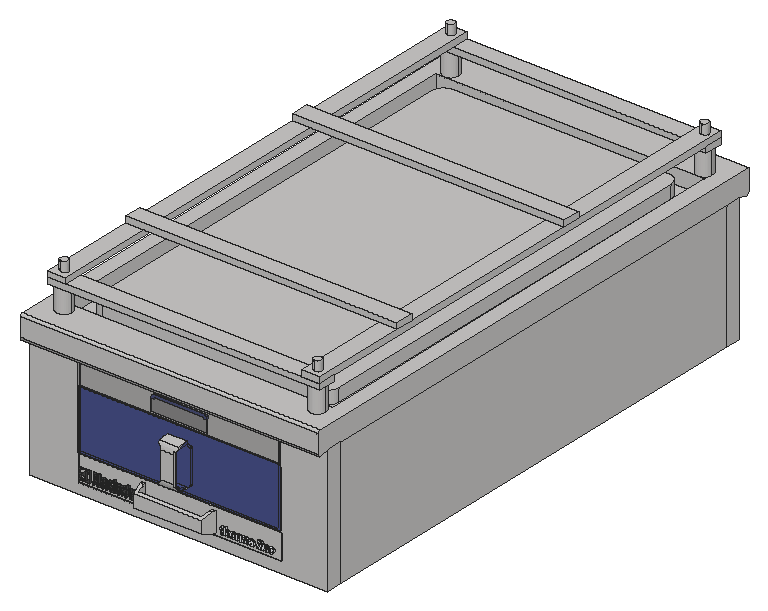
Revit family "QF_ELECTROLUXPROFESSIONAL_589869_MCLBACEODM", category Specialty Equipment, Revit 2014
Parameters
  Weight in Pounds = 487.22
  URL Cutsheet = ""
  Type Mark [instance] = ""
  Specification by User [instance] = ""
  Specification by Manufacturer = ""
  Serial Number = ""
  Seismic Rating = ""
  SMACNA No = ""
  Revision Code [instance] = ""
  Omniclass Number and Title = ""
  NAFEM Spec ID Number = ""
  Model = "588557"
  Masterspec = ""
  Manufacturer = "Electrolux Professional"
  Item Number [instance] = ""
  Installed By [instance] = ""
  Identify Quantity as Lot [instance] = yes
  Furnished By [instance] = ""
  Foodservice Equipment Identifier [instance] = yes
  Description = ""
  CSI MasterFormat = ""
  CSI Master Format = ""
Reference planes
  plane 1 "BACK": y = 0
  plane 2: z = 0
  plane 3 "LEFT": x = 0
  plane 4 "RIGHT": x = 500
  plane 5 "FRONT": y = -900
  plane 6 "TOP": z = 900
  plane 7 "Center (Left/Right)": x = 250
  plane 8: y = -425
  plane 9: y = -150
  plane 10: x = 25
  plane 11: x = 475
  plane 12: y = -60
  plane 13: y = -840
  plane 14 "EIx": x = 455
  plane 15 "EIy": y = -685
  plane 16: z = 938
  plane 17 "BaseTop": z = 650
  plane 18: y = -855
Forms (mm)
  Extrusion 1, solid, material "QF_Finishes_Stainless Steel"
    sketch origin (-178.969, -4572, 100) x (-1, 0, 0) y (0, -1, 0)
      loop
        line (-178.969, -4527) -> (-178.969, -3717) -> (-678.969, -3717) -> (-678.969, -4527) -> (-178.969, -4527)
    from 550 to 762.969
  Extrusion 2, solid, material "QF_Finishes_Stainless Steel"
    sketch origin (0, 0, 650) x (-1, 0, 0) y (0, -1, 0)
      loop
        circle (-455, 685) r 6.35
    from 0 to -11.851
  Extrusion 3, solid, material "QF_Finishes_Stainless Steel"
    sketch origin (250, 296.4, 1219.2) x (0, 1, 0) y (0, 0, 1)
      loop
        line (-296.4, -319.2) -> (-1191.4, -319.2)
        arc (-1191.4, -319.2) -> (-1194.935, -320.664) -> (-1196.4, -324.2) r 5
        line (-1196.4, -324.2) -> (-1196.4, -355.2)
        arc (-1196.4, -355.2) -> (-1194.971, -358.264) -> (-1191.705, -359.139) r 4
        line (-1191.705, -359.139) -> (-1176.4, -356.231) -> (-316.4, -356.231) -> (-301.094, -359.139)
        arc (-301.094, -359.139) -> (-297.829, -358.264) -> (-296.4, -355.2) r 4
        line (-296.4, -355.2) -> (-296.4, -319.2)
    from -250 to 250
  Extrusion 4, solid, material "QF_Finishes_Stainless Steel"
    sketch origin (0, 0, 900) x (-1, 0, 0) y (0, -1, 0)
      loop
        arc (-70, 80) -> (-55.858, 85.858) -> (-50, 100) r 20
        line (-50, 100) -> (-50, 795)
        arc (-50, 795) -> (-55.858, 809.142) -> (-70, 815) r 20
        line (-70, 815) -> (-430, 815)
        arc (-430, 815) -> (-444.142, 809.142) -> (-450, 795) r 20
        line (-450, 795) -> (-450, 100)
        arc (-450, 100) -> (-444.142, 85.858) -> (-430, 80) r 20
        line (-430, 80) -> (-70, 80)
    from 1 to -20
  Extrusion 5, void
    sketch origin (0, 0, 900) x (-1, 0, 0) y (0, -1, 0)
      loop
        line (-25, 840) -> (-475, 840) -> (-475, 60) -> (-25, 60) -> (-25, 840)
    from 0 to -25
Cuts and joins
  Extrusion 5 cuts Extrusion 3
Lines and regions (mm)
  symbolic lines
    curve 1: line (0, 0, 100) -> (500, 0, 100)
    curve 2: line (0, -900, 100) -> (0, 0, 100)
    curve 3: line (500, -900, 100) -> (0, -900, 100)
    curve 4: line (500, 0, 100) -> (500, -900, 100)
    curve 5: line (25, -840, 0) -> (475, -840, 0)
    curve 6: line (475, -840, 0) -> (475, -60, 0)
    curve 7: line (475, -60, 0) -> (25, -60, 0)
    curve 8: line (25, -60, 0) -> (25, -840, 0)
    curve 9: line (430, -80, 0) -> (70, -80, 0)
    curve 10: line (70, -815, 0) -> (430, -815, 0)
    curve 11: arc (52.44, -804.574, 0) -> (59.789, -812.197, 0) -> (70, -815, 0) r 20
    curve 12: arc (430, -815, 0) -> (439.869, -812.396, 0) -> (447.168, -805.26, 0) r 20
    curve 13: arc (70, -80, 0) -> (59.837, -82.775, 0) -> (52.493, -90.33, 0) r 20
    curve 14: arc (447.585, -90.473, 0) -> (440.234, -82.817, 0) -> (430, -80, 0) r 20
Dimensions and locks
  plane 3 "LEFT" to plane 4 "RIGHT" = 500 mm
  locked: plane 5 "FRONT" to plane 1 "BACK" at 900
  equal spacing: plane 3 "LEFT", plane 7 "Center (Left/Right)", plane 4 "RIGHT"
  plane 5 "FRONT" to plane 8 to plane 1 "BACK" = 475 mm, 425 mm
  plane 6 "TOP" to level = 900 mm  (x2)
  plane 1 "BACK" to plane 9 = 150 mm
  plane 1 "BACK" to Extrusion 2 = 685 mm
  locked: plane 14 "EIx" to plane 4 "RIGHT" at 45
  locked: plane 15 "EIy" to plane 1 "BACK" at 685
  plane 16 to plane 6 "TOP" = 38 mm
  plane 12 to plane 1 "BACK" = 60 mm
  plane 5 "FRONT" to plane 13 = 60 mm
  plane 3 "LEFT" to plane 10 = 25 mm
  plane 11 to plane 4 "RIGHT" = 25 mm
  locked: plane 6 "TOP" to plane 17 "BaseTop" at 250
  locked: plane 18 to plane 5 "FRONT" at 45
  aligned and locked: level to plane 2
  aligned and locked: cut or joined group of Extrusion 3, Extrusion 5 to plane 3 "LEFT"
  aligned and locked: cut or joined group of Extrusion 3, Extrusion 5 to plane 4 "RIGHT"
  aligned and locked: Extrusion 5 sketch curve to plane 10
  aligned and locked: plane 12 to Extrusion 5 sketch curve
  aligned and locked: plane 11 to Extrusion 5 sketch curve
  aligned and locked: Extrusion 5 sketch curve to plane 13
  aligned and locked: nested 1 to plane 18
  aligned and locked: Extrusion 1 to plane 18
  aligned and locked: plane 3 "LEFT" to nested 1
  aligned and locked: nested 3 to Extrusion 1
  aligned and locked: plane 4 "RIGHT" to nested 3
Automatic sketch dimensions
  Extrusion 3 sketch curve to plane 5 "FRONT" = 0 mm
  Extrusion 3 sketch curve to plane 6 "TOP" = 0 mm
  Extrusion 3 sketch curve to plane 1 "BACK" = 0 mm
  Extrusion 3 sketch curve to plane 5 "FRONT" = 4 mm
  Extrusion 3 sketch curve to Extrusion 3 sketch curve = 0.695 mm
  Extrusion 3 sketch curve to plane 5 "FRONT" = 5 mm
  Extrusion 3 sketch curve to Extrusion 3 sketch curve = 15.305 mm
  plane 1 "BACK" to Extrusion 3 sketch curve = 20 mm
  plane 1 "BACK" to Extrusion 3 sketch curve = 4.695 mm
  Extrusion 3 sketch curve to Extrusion 3 sketch curve = 4 mm
  Extrusion 3 sketch curve to Extrusion 3 sketch curve = 31 mm
  Extrusion 3 sketch curve to plane 6 "TOP" = 36 mm
  Extrusion 3 sketch curve to Extrusion 3 sketch curve = 2.909 mm
  Extrusion 1 sketch curve to plane 4 "RIGHT" = 0 mm
  Extrusion 1 sketch curve to plane 3 "LEFT" = 0 mm
  plane 1 "BACK" to Extrusion 1 sketch curve = 45 mm
  plane 1 "BACK" to curve 1 = 0 mm
  curve 1 to plane 4 "RIGHT" = 0 mm
  curve 2 to plane 3 "LEFT" = 0 mm
  plane 5 "FRONT" to curve 3 = 0 mm
  Extrusion 2 sketch curve to plane 14 "EIx" = 0 mm
  Extrusion 2 sketch curve to plane 15 "EIy" = 0 mm
  Extrusion 1 sketch curve to plane 5 "FRONT" = 45 mm
  plane 11 to Extrusion 4 sketch curve = 25 mm
  Extrusion 4 sketch curve to Extrusion 4 sketch curve = 20 mm  (x3)
  plane 9 to Extrusion 4 sketch curve = 50 mm
  Extrusion 4 sketch curve to plane 10 = 45 mm
  Extrusion 4 sketch curve to plane 13 = 45 mm  (x2)
  curve 8 to plane 10 = 0 mm
  curve 7 to plane 11 = 0 mm
  plane 13 to curve 5 = 0 mm
  plane 12 to curve 7 = 0 mm
  curve 13 to plane 10 = 45 mm
  curve 10 to plane 13 = 25 mm
  curve 10 to plane 10 = 45 mm
  plane 14 "EIx" to curve 10 = 25 mm
  plane 14 "EIx" to curve 9 = 25 mm
  curve 10 to curve 11 = 20 mm
  curve 12 to curve 12 = 20 mm
  plane 12 to curve 14 = 40 mm
  plane 12 to curve 13 = 40 mm
  plane 12 to curve 9 = 20 mm
  curve 11 to curve 11 = 17.56 mm
  curve 13 to curve 13 = 17.507 mm
  plane 14 "EIx" to curve 12 = 7.832 mm
  plane 14 "EIx" to curve 14 = 7.415 mm
  radius of Extrusion 2 sketch curve = 6.35 mm
Nested families
  nested 1: "Front_Panel_W500_One Knob" at (52.376, -855, 0), type "Front_Panel_W500_One Knob"
  nested 2: "QF_ELECTROLUXPROFESSIONAL_MARINE500x900_1" at (0, 0, 0), type "QF_ELECTROLUXPROFESSIONAL_MARINE500x900_1"
    with Type Mark "", Specification by User "", Revision Code "", Item Number "", Installed By "", Identify Quantity as Lot yes, Furnished By "", Foodservice Equipment Identifier yes
  nested 3: "Front_Panel_W500_1 Knob" at (447.624, -45, 0) x (-1, 0, 0) z (0, 0, 1), type "Front_Panel_W500_1 Knob"
Connectors
  electrical at (455, -685, 638.149)
    settings: on Extrusion 2, index 1, voltage 400 V, apparent load 33000 VA, apparent load phase1 0 VA, apparent load phase2 0 VA, apparent load phase3 0 VA, power factor 1, load classification "Other", number of poles 1, system type 30, power factor state 1, is connector primary yes, connector utility no, sub classification motor no, connector description "ELECTRICAL CONNECTION"
Definition of nested family "Front_Panel_W500_One Knob"
  Reference planes
    plane 1 "Center (Front/Back)": y = 0
    plane 2: z = 0
    plane 3 "Center (Left/Right)": x = 197.624
    plane 4 "Left": x = -52.376
    plane 5 "Right": x = 447.624
    plane 6: y = -45
    plane 7: y = -310
    plane 8: y = -25
    plane 9: x = 370.124
    plane 10: x = 30.124
  Forms (mm)
    Extrusion 1, solid, material "QF_Finishes_Stainless Steel"
      sketch origin (833.217, 829.203, -1.25) x (0, 1, 0) y (0, 0, 1)
        loop
          line (-854.203, 651.25) -> (-829.203, 651.25) -> (-829.203, 864.25) -> (-854.203, 864.25) -> (-854.203, 651.25)
      from -885.593 to -385.593
    Extrusion 2, void
      sketch origin (0, 0, 0) x (1, 0, 0) y (0, 0, 1)
        loop
          line (27.624, 853.866) -> (27.624, 711.866) -> (367.624, 711.866) -> (367.624, 853.866) -> (27.624, 853.866)
      from 19.387 to 33.951
    Extrusion 3, void
      sketch origin (0, 0, 0) x (1, 0, 0) y (0, 0, 1)
        loop
          line (30.124, 711.866) -> (30.124, 666.866) -> (370.124, 666.866) -> (370.124, 711.866) -> (30.124, 711.866)
      from 19.387 to 25
    Extrusion 4, solid, material "QF_Finishes_Stainless Steel"
      sketch origin (0, 0, 0) x (1, 0, 0) y (0, 0, 1)
        loop
          line (31.124, 710.866) -> (31.124, 667.866) -> (369.124, 667.866) -> (369.124, 710.866) -> (31.124, 710.866)
      from 19.387 to 25
    Extrusion 5, solid, material "QF_Finishes_Stainless Steel"
      sketch origin (0, 0, 0) x (1, 0, 0) y (0, 1, 0)
        loop
          line (141.059, -25) -> (135.966, -25) -> (140.646, -49.075) -> (254.603, -49.075) -> (259.283, -25) -> (254.189, -25) -> (250.481, -44.075) -> (144.767, -44.075) -> (141.059, -25)
      from 672.593 to 705.67
    Extrusion 6, void
      sketch origin (197.624, 0, 0) x (0, 1, 0) y (0, 0, 1)
        loop
          line (-30, 705.67) -> (-30, 710.67) -> (-56.744, 710.67) -> (-56.744, 667.593) -> (-30, 667.593) -> (-30, 672.593) -> (-53.776, 680.318) -> (-53.776, 697.945) -> (-30, 705.67)
      from -70 to 70
    Extrusion 7, solid, material "QF_Door-Drawer Clearances", detail levels coarse
      sketch origin (0, -265, 0) x (1, 0, 0) y (0, 1, 0)
        loop
          line (140.646, -69.075) -> (254.603, -69.075) -> (259.283, -45) -> (364.124, -45) -> (364.124, 240) -> (31.124, 240) -> (31.124, -45) -> (135.966, -45) -> (140.646, -69.075)
      from 672.593 to 705.67
    Extrusion 8, void
      sketch origin (197.624, -280, 0) x (0, 1, 0) y (0, 0, 1)
        loop
          line (-30, 705.67) -> (-30, 710.67) -> (-56.744, 710.67) -> (-56.744, 667.593) -> (-30, 667.593) -> (-30, 672.593) -> (-53.776, 680.318) -> (-53.776, 697.945) -> (-30, 705.67)
      from -70 to 70
  Cuts and joins
    Extrusion 2, Extrusion 3 cuts Extrusion 1
    Extrusion 6, Extrusion 8 cuts Extrusion 5
    Extrusion 8 cuts Extrusion 7
  Lines and regions (mm)
    symbolic lines, style "SpecialityEquipmentHiddenLines"
      curve 1: line (31.124, -45, 0) -> (31.124, -310, 0)
      curve 2: line (31.124, -310, 0) -> (364.124, -310, 0)
      curve 3: line (135.966, -310, 0) -> (140.646, -334.075, 0)
      curve 4: line (140.646, -334.075, 0) -> (254.603, -334.075, 0)
      curve 5: line (254.603, -334.075, 0) -> (259.283, -310, 0)
      curve 6: line (364.124, -310, 0) -> (364.124, -45, 0)
      curve 7: line (31.124, -300, 0) -> (364.124, -300, 0)
      curve 8: line (140.874, -309.046, 0) -> (144.767, -329.075, 0)
      curve 9: line (144.767, -329.075, 0) -> (250.481, -329.075, 0)
      curve 10: line (250.481, -329.075, 0) -> (254.375, -309.046, 0)
  Dimensions and locks
    equal spacing: plane 5 "Right", plane 3 "Center (Left/Right)", plane 4 "Left"
    plane 5 "Right" to plane 4 "Left" = 500 mm
    plane 6 to plane 7 = 265 mm
    aligned and locked: cut or joined group of Extrusion 1, Extrusion 2, Extrusion 3 to plane 4 "Left"
    aligned and locked: plane 5 "Right" to cut or joined group of Extrusion 1, Extrusion 2, Extrusion 3
    aligned and locked: plane 3 "Center (Left/Right)" to nested 1
    aligned and locked: cut or joined group of Extrusion 1, Extrusion 2, Extrusion 3 to nested 1
  Automatic sketch dimensions
    plane 6 to curve 1 = 0 mm
    curve 1 to plane 7 = 0 mm
    plane 6 to curve 6 = 0 mm
    plane 10 to curve 1 = 1 mm
    curve 3 to curve 8 = 4.122 mm
    curve 10 to plane 7 = 19.075 mm
    plane 3 "Center (Left/Right)" to curve 10 = 52.857 mm
    curve 5 to plane 7 = 24.075 mm
    curve 9 to curve 5 = 4.122 mm
    curve 2 to plane 9 = 6 mm
    plane 7 to curve 8 = 0.954 mm
    curve 3 to curve 8 = 4.908 mm
    plane 7 to curve 10 = 0.954 mm
    curve 9 to curve 10 = 3.893 mm
    curve 10 to curve 5 = 4.908 mm
    plane 7 to curve 7 = 10 mm
    Extrusion 1 sketch curve to plane 8 = 0 mm
    Extrusion 1 sketch curve to plane 1 "Center (Front/Back)" = 0 mm
    level to Extrusion 1 sketch curve = 650 mm
    Extrusion 1 sketch curve to Extrusion 1 sketch curve = 213 mm
    Extrusion 2 sketch curve to plane 10 = 2.5 mm
    Extrusion 2 sketch curve to plane 9 = 2.5 mm
    level to Extrusion 2 sketch curve = 711.866 mm
    Extrusion 2 sketch curve to Extrusion 2 sketch curve = 142 mm
    Extrusion 3 sketch curve to plane 10 = 0 mm
    Extrusion 3 sketch curve to plane 9 = 0 mm
    level to Extrusion 3 sketch curve = 666.866 mm
    Extrusion 3 sketch curve to Extrusion 3 sketch curve = 45 mm
    plane 10 to Extrusion 4 sketch curve = 1 mm
    Extrusion 4 sketch curve to plane 9 = 1 mm
    level to Extrusion 4 sketch curve = 667.866 mm
    Extrusion 4 sketch curve to Extrusion 4 sketch curve = 43 mm
    plane 8 to Extrusion 5 sketch curve = 0 mm  (x2)
    plane 6 to Extrusion 5 sketch curve = 4.075 mm
    Extrusion 5 sketch curve to Extrusion 5 sketch curve = 5.094 mm  (x2)
    Extrusion 5 sketch curve to plane 6 = 0.925 mm
    Extrusion 5 sketch curve to Extrusion 5 sketch curve = 4.122 mm  (x2)
    plane 3 "Center (Left/Right)" to Extrusion 5 sketch curve = 52.857 mm
    Extrusion 5 sketch curve to Extrusion 5 sketch curve = 3.708 mm  (x2)
    plane 6 to Extrusion 6 sketch curve = 11.744 mm
    plane 6 to Extrusion 6 sketch curve = 8.776 mm
    plane 8 to Extrusion 6 sketch curve = 5 mm  (x2)
    level to Extrusion 6 sketch curve = 667.593 mm
    Extrusion 6 sketch curve to Extrusion 6 sketch curve = 5 mm
    Extrusion 6 sketch curve to Extrusion 6 sketch curve = 12.725 mm  (x2)
    Extrusion 6 sketch curve to Extrusion 6 sketch curve = 17.627 mm
    Extrusion 6 sketch curve to Extrusion 6 sketch curve = 7.725 mm
    plane 8 to Extrusion 7 sketch curve = 0 mm
    Extrusion 7 sketch curve to plane 7 = 0 mm  (x2)
    plane 10 to Extrusion 7 sketch curve = 1 mm
    Extrusion 7 sketch curve to plane 7 = 24.075 mm
    plane 3 "Center (Left/Right)" to Extrusion 7 sketch curve = 56.979 mm
    Extrusion 7 sketch curve to Extrusion 7 sketch curve = 4.68 mm  (x2)
    Extrusion 7 sketch curve to plane 9 = 6 mm
    Extrusion 8 sketch curve to plane 7 = 0 mm  (x2)
    Extrusion 8 sketch curve to plane 7 = 23.776 mm
    Extrusion 8 sketch curve to Extrusion 8 sketch curve = 2.968 mm
    level to Extrusion 8 sketch curve = 667.593 mm
    Extrusion 8 sketch curve to Extrusion 8 sketch curve = 5 mm
    Extrusion 8 sketch curve to Extrusion 8 sketch curve = 12.725 mm  (x2)
    Extrusion 8 sketch curve to Extrusion 8 sketch curve = 17.627 mm
    Extrusion 8 sketch curve to Extrusion 8 sketch curve = 7.725 mm
    curve 3 to plane 3 "Center (Left/Right)" = 56.979 mm
    curve 3 to curve 8 = 8.801 mm
    Extrusion 5 sketch curve to plane 3 "Center (Left/Right)" = 52.857 mm
    Extrusion 7 sketch curve to plane 3 "Center (Left/Right)" = 61.658 mm
  Nested families
    nested 1: "Front glass control panel W500_1 Knob" at (197.624, 280.644, 2.752), type "Front glass control panel W500_1 Knob"
    nested 2: "Range Control Handle" at (197.624, -28.137, -209.113) x (-1, 0, 0) z (0, 0, 1), type "Range Control Handle"
    nested 3: "ELX_ThermaLine_Small" at (308.838, -25, 680.426) x (1, 0, 0) z (0, -1, 0), type "ELX_ThermaLine_Small"
      with Show Logo yes, Material_Logo QF_Finishes_Black
    nested 4: "ELX_Professional_Logo_Small2" at (83.472, -25, 682.659) x (1, 0, 0) z (0, -1, 0), type "ELX_Professional_Logo_Small2"
      with Show Logo yes, Material_Logo QF_Finishes_Black
  Definition of nested family "Front glass control panel W500_1 Knob"
    Reference planes
      plane 1 "Center (Front/Back)": y = 0
      plane 2: z = 0
      plane 3 "Center (Left/Right)": x = 0
    Forms (mm)
      Extrusion 1, solid, material "QF_Finishes_Electrolux Cyan"
        sketch origin (378.286, 0, 0.617) x (1, 0, 0) y (0, 0, 1)
          loop
            line (-548.286, 806.791) -> (-548.286, 708.497) -> (-208.286, 708.497) -> (-208.286, 806.791) -> (-548.286, 806.791)
        from 300.031 to 304.8
      Extrusion 2, solid, material "QF_Finishes_Electrolux_Black"
        sketch origin (378.286, 0, 0.617) x (1, 0, 0) y (0, 0, 1)
          loop
            line (-548.286, 850.497) -> (-548.286, 806.791) -> (-208.286, 806.791) -> (-208.286, 850.497) -> (-548.286, 850.497)
        from 300.031 to 304.8
      Extrusion 3, void
        sketch origin (378.286, 0, 0.617) x (1, 0, 0) y (0, 0, 1)
          loop
            line (-545.628, 847.565) -> (-545.628, 710.699) -> (-211.196, 710.699) -> (-211.196, 847.565) -> (-545.628, 847.565)
        from 303.697 to 304.8
      Extrusion 4, solid, material "QF_Finishes_Electrolux_Black Smoke Iluminated"
        sketch origin (308.309, 1.101, -0.633) x (1, 0, 0) y (0, 0, 1)
          loop
            line (-261.431, 812.62) -> (-261.431, 834.177) -> (-266.24, 834.177) -> (-268.039, 835.977) -> (-348.469, 835.977) -> (-350.269, 834.177) -> (-355.186, 834.177) -> (-355.186, 812.62) -> (-261.431, 812.62)
        from 304.798 to 306.745
      Extrusion 5, solid, material "QF_Finishes_Electrolux_Royal Blue Illuminated"
        sketch origin (308.309, 1.101, -0.633) x (1, 0, 0) y (0, 0, 1)
          loop
            line (-350.269, 834.177) -> (-348.469, 835.977) -> (-268.039, 835.977) -> (-266.24, 834.177) -> (-261.529, 834.177)
            arc (-261.529, 834.177) -> (-262.706, 838.752) -> (-266.98, 840.763) r 5.549
            line (-266.98, 840.763) -> (-349.686, 840.763)
            arc (-349.686, 840.763) -> (-353.942, 838.747) -> (-355.078, 834.177) r 5.5
            line (-355.078, 834.177) -> (-350.269, 834.177)
        from 304.798 to 306.745
    Cuts and joins
      Extrusion 3 cuts Extrusion 1
      Extrusion 3 cuts Extrusion 2
    Dimensions and locks
      aligned and locked: Extrusion 1 to Extrusion 2
      aligned and locked: Extrusion 5 sketch curve to Extrusion 4  (x4)
      aligned and locked: Extrusion 4 to Extrusion 5 sketch curve
      aligned and locked: Extrusion 5 to Extrusion 4
  Definition of nested family "Range Control Handle"
    Reference planes
      plane 1 "Center (Front/Back)": y = 0
      plane 2: z = 0
      plane 3 "Center (Left/Right)": x = 0
      plane 4: z = 971.092
      plane 5: y = -16.9
    Forms (mm)
      Extrusion 1, solid, material "QF_Finishes_Electrolux Cyan"
        sketch origin (-746.28, 380.497, 208.931) x (-1, 0, 0) y (0, 0, 1)
          loop
            line (-770.101, 786.798) -> (-770.101, 731.649)
            arc (-770.101, 731.649) -> (-769.759, 730.563) -> (-768.855, 729.87) r 1.893
            line (-768.855, 729.87) -> (-763.474, 727.911) -> (-729.81, 727.911) -> (-724.428, 729.87)
            arc (-724.428, 729.87) -> (-723.525, 730.563) -> (-723.183, 731.649) r 1.893
            line (-723.183, 731.649) -> (-723.183, 786.798)
            arc (-723.183, 786.798) -> (-723.529, 787.894) -> (-724.44, 788.593) r 1.91
            line (-724.44, 788.593) -> (-729.683, 790.819) -> (-763.601, 790.819) -> (-768.844, 788.593)
            arc (-768.844, 788.593) -> (-769.755, 787.894) -> (-770.101, 786.798) r 1.91
        from -382.35 to -378.852
      Sweep 2, solid, material "QF_Finishes_Electrolux Cyan"
        path origin (-746.788, 380.496, 208.091) x (0, -1, 0) y (0, 0, 1)
          loop
            line (379.775, 793.281) -> (395.661, 791.048)
            arc (395.661, 791.048) -> (397.781, 787.377) -> (398.517, 783.202) r 12.207
            line (398.517, 783.202) -> (398.517, 737.368)
            arc (398.517, 737.368) -> (397.781, 733.193) -> (395.661, 729.522) r 12.207
            line (395.661, 729.522) -> (379.775, 727.289)
        profile origin (-746.788, -7.222, 1000.256) x (0, -0.139173, 0.990268) y (-1, 0, 0)
          loop
            line (0.782, -763.123) -> (0.782, -730.907) -> (-1.322, -730.907) -> (-1.322, -763.123) -> (0.782, -763.123)
      Sweep 3, solid, material "QF_Finishes_Stainless Steel"
        path origin (-746.788, 380.715, 207.832) x (0, -1, 0) y (0, 0, 1)
          loop
            line (380.478, 795.442) -> (397.218, 793.09)
            arc (397.218, 793.09) -> (399.929, 788.473) -> (400.871, 783.202) r 15.207
            line (400.871, 783.202) -> (400.871, 737.584)
            arc (400.871, 737.584) -> (399.914, 732.274) -> (397.164, 727.633) r 15.207
            line (397.164, 727.633) -> (380.601, 725.305)
        profile origin (-746.788, -8.132, 1002.099) x (0, -0.139173, 0.990268) y (-1, 0, 0)
          loop
            line (0.782, -763.123) -> (0.782, -730.907) -> (-1.322, -730.907) -> (-1.322, -763.123) -> (0.782, -763.123)
      Extrusion 4, void
        sketch origin (889.253, 220.666, 207.993) x (1, 0, 0) y (0, 0, 1)
          loop
            line (-943.038, 816.854) -> (-943.038, 703.686) -> (-899.466, 734.196) -> (-899.466, 786.344) -> (-943.038, 816.854)
        from 230.636 to 242.25
      Extrusion 5, void
        sketch origin (-888.8, 220.666, 207.993) x (-1, 0, 0) y (0, 0, -1)
          loop
            line (-943.038, -816.854) -> (-899.466, -786.344) -> (-899.466, -734.196) -> (-943.038, -703.686) -> (-943.038, -816.854)
        from 230.636 to 242.25
      Extrusion 6, solid, material "QF_Finishes_Electrolux Cyan"
        sketch origin (0, 0, 0) x (1, 0, 0) y (0, 0, 1)
          loop
            circle (0, 971.092) r 7.736
        from -3.137 to -1.645
    Cuts and joins
      Extrusion 4, Extrusion 5 cuts Sweep 3
      Extrusion 4, Extrusion 5 cuts Sweep 2
      joined: Extrusion 1, Extrusion 6
    Lines and regions (mm)
      symbolic lines
        curve 1: line (16.334, -16.9, 0) -> (16.334, -19.227, 0)
        curve 2: spline (16.334, -19.227, 0) -> (15.87, -19.385, 0) -> (15.404, -19.536, 0) -> (14.936, -19.678, 0) -> (14.466, -19.813, 0) -> (13.995, -19.94, 0) -> (13.523, -20.059, 0) -> (13.049, -20.171, 0) -> (12.575, -20.274, 0) -> (12.099, -20.37, 0) -> (11.622, -20.458, 0) -> (11.144, -20.537, 0) -> (10.666, -20.609, 0)
        curve 3: line (10.666, -16.9, 0) -> (10.666, -20.938, 0)
        curve 4: line (-10.213, -20.938, 0) -> (10.666, -20.938, 0)
        curve 5: line (-10.213, -20.938, 0) -> (-10.213, -16.9, 0)
        curve 6: spline (-10.213, -20.609, 0) -> (-10.691, -20.537, 0) -> (-11.169, -20.458, 0) -> (-11.646, -20.37, 0) -> (-12.122, -20.274, 0) -> (-12.597, -20.171, 0) -> (-13.07, -20.059, 0) -> (-13.542, -19.94, 0) -> (-14.013, -19.813, 0) -> (-14.483, -19.678, 0) -> (-14.951, -19.536, 0) -> (-15.417, -19.385, 0) -> (-15.881, -19.227, 0)
        curve 7: line (-15.881, -19.227, 0) -> (-15.881, -16.9, 0)
  Definition of nested family "ELX_ThermaLine_Small"
    Parameters (values of type "ELX_ThermaLine_Small")
      Show Logo [instance] = yes
      Material_Logo [instance] = QF_Finishes_Black
      Default Elevation = 0 mm
    Reference planes
      plane 1 "Centro (Fronte/Retro)": y = 0
      plane 2: z = 0
      plane 3 "Centro (Sinistra/Destra)": x = 0
    Forms (mm)
      Extrusion 1, solid
        sketch origin (0, 0, 0) x (1, 0, 0) y (0, 1, 0)
          loop
            line (-1219.2, 1219.2) -> (-1219.2, -1219.2) -> (1219.2, -1219.2) -> (1219.2, 1219.2) -> (-1219.2, 1219.2)
        from 0 to -304.8
      Extrusion 2, solid, material "QF_Finishes_White"
        sketch origin (0, 0, 0) x (1, 0, 0) y (0, 1, 0)
          loop
            line (-37.494, 1.229) -> (-35.908, 1.229) -> (-35.908, 3.066) -> (-37.494, 3.066) -> (-37.494, 6.221) -> (-39.867, 4.881) -> (-39.867, 3.066) -> (-40.969, 3.066) -> (-40.969, 1.229) -> (-39.867, 1.229) -> (-39.867, -3.407)
            arc (-39.867, -3.407) -> (-38.982, -5.513) -> (-36.751, -6.001) r 2.478
            line (-36.751, -6.001) -> (-35.638, -5.7) -> (-35.9, -3.835) -> (-36.661, -4.039)
            arc (-36.661, -4.039) -> (-37.236, -3.924) -> (-37.494, -3.399) r 0.662
            line (-37.494, -3.399) -> (-37.494, 1.229)
          loop
            line (-34.242, 6.539) -> (-34.242, -5.848) -> (-31.854, -5.848) -> (-31.854, -0.078)
            arc (-31.854, -0.078) -> (-30.939, 1.249) -> (-29.33, 1.367) r 1.866
            arc (-29.33, 1.367) -> (-28.695, 0.768) -> (-28.461, -0.073) r 1.627
            line (-28.461, -0.073) -> (-28.461, -5.848) -> (-26.086, -5.848) -> (-26.064, -0.46)
            arc (-26.064, -0.46) -> (-26.261, 0.932) -> (-26.786, 2.237) r 5.825
            arc (-26.786, 2.237) -> (-29.381, 3.264) -> (-31.854, 1.971) r 3.353
            line (-31.854, 1.971) -> (-31.854, 6.539) -> (-34.242, 6.539)
          loop
            arc (-18.398, -0.598) -> (-18.893, 0.879) -> (-20.326, 1.487) r 1.897
            arc (-20.326, 1.487) -> (-21.461, 0.708) -> (-21.897, -0.598) r 2.164
            line (-21.897, -0.598) -> (-18.398, -0.598)
          loop
            arc (-16.021, -2.044) -> (-16.754, 1.227) -> (-19.444, 3.226) r 4.814
            arc (-19.444, 3.226) -> (-22.137, 2.788) -> (-23.943, 0.743) r 4.054
            arc (-23.943, 0.743) -> (-24.382, -1.249) -> (-24.162, -3.276) r 6.289
            arc (-24.162, -3.276) -> (-23.302, -4.71) -> (-21.958, -5.705) r 4.28
            arc (-21.958, -5.705) -> (-18.558, -5.814) -> (-16.152, -3.409) r 4.28
            line (-16.152, -3.409) -> (-18.5, -2.995)
            arc (-18.5, -2.995) -> (-19.273, -3.994) -> (-20.533, -4.076) r 1.536
            arc (-20.533, -4.076) -> (-21.56, -3.281) -> (-21.958, -2.044) r 2.197
            line (-21.958, -2.044) -> (-16.021, -2.044)
          loop
            line (-14.165, -5.848) -> (-11.819, -5.848) -> (-11.819, -2.138)
            arc (-11.819, -2.138) -> (-11.787, -1.156) -> (-11.637, -0.185) r 8.18
            arc (-11.637, -0.185) -> (-10.644, 0.972) -> (-9.132, 0.776) r 1.603
            line (-9.132, 0.776) -> (-8.419, 2.846)
            arc (-8.419, 2.846) -> (-10.432, 3.118) -> (-11.994, 1.821) r 2.527
            line (-11.994, 1.821) -> (-11.994, 3.094) -> (-14.165, 3.094) -> (-14.165, -5.848)
          loop
            line (-7.579, 3.094) -> (-7.579, -5.848) -> (-5.178, -5.848) -> (-5.178, -0.756)
            arc (-5.178, -0.756) -> (-4.727, 0.679) -> (-3.417, 1.419) r 2.05
            arc (-3.417, 1.419) -> (-2.499, 0.908) -> (-2.155, -0.085) r 1.471
            line (-2.155, -0.085) -> (-2.155, -5.848) -> (0.23, -5.848) -> (0.23, -1.001)
            arc (0.23, -1.001) -> (0.47, 0.127) -> (1.148, 1.061) r 2.775
            arc (1.148, 1.061) -> (2.225, 1.329) -> (3.05, 0.587) r 1.182
            arc (3.05, 0.587) -> (3.199, -0.019) -> (3.214, -0.642) r 2.894
            line (3.214, -0.642) -> (3.214, -5.848) -> (5.601, -5.848) -> (5.601, 0.261)
            arc (5.601, 0.261) -> (4.87, 2.263) -> (2.976, 3.241) r 2.932
            arc (2.976, 3.241) -> (1.284, 2.973) -> (-0.047, 1.896) r 3.309
            arc (-0.047, 1.896) -> (-1.116, 2.865) -> (-2.506, 3.258) r 3.16
            arc (-2.506, 3.258) -> (-4.105, 2.942) -> (-5.376, 1.92) r 3.419
            line (-5.376, 1.92) -> (-5.376, 3.094) -> (-7.579, 3.094)
          loop
            line (7.583, 0.738) -> (9.702, 0.364)
            arc (9.702, 0.364) -> (11.441, 1.492) -> (12.855, -0.023) r 1.613
            line (12.855, -0.023) -> (9.782, -0.789)
            arc (9.782, -0.789) -> (8.559, -1.346) -> (7.617, -2.305) r 3.687
            arc (7.617, -2.305) -> (7.499, -3.681) -> (7.901, -5.003) r 3.651
            arc (7.901, -5.003) -> (9.107, -5.766) -> (10.515, -6.006) r 3.635
            arc (10.515, -6.006) -> (11.898, -5.697) -> (13.067, -4.895) r 3.734
            line (13.067, -4.895) -> (13.376, -5.848) -> (15.75, -5.848) -> (15.212, -4.193) -> (15.212, 0.38)
            arc (15.212, 0.38) -> (14.897, 1.849) -> (13.818, 2.895) r 2.585
            arc (13.818, 2.895) -> (11.792, 3.442) -> (9.719, 3.11) r 5.005
            arc (9.719, 3.11) -> (8.369, 2.178) -> (7.583, 0.738) r 3.54
          loop
            line (19.723, -5.848) -> (22.233, -5.848) -> (24.854, 6.484) -> (22.345, 6.484) -> (19.723, -5.848)
          loop
            line (24.583, -5.848) -> (26.953, -5.848) -> (28.848, 3.066) -> (26.478, 3.066) -> (24.583, -5.848)
          loop
            line (27.204, 6.484) -> (26.741, 4.305) -> (29.111, 4.305) -> (29.575, 6.484) -> (27.204, 6.484)
          loop
            line (29.355, -5.848) -> (31.849, -5.848) -> (33.098, 0.028)
            arc (33.098, 0.028) -> (34.169, 1.306) -> (35.832, 1.422) r 2.132
            arc (35.832, 1.422) -> (36.324, 0.752) -> (36.383, -0.078) r 1.5
            line (36.383, -0.078) -> (35.157, -5.848) -> (37.536, -5.848) -> (38.936, 0.738)
            arc (38.936, 0.738) -> (38.775, 2.091) -> (37.825, 3.066) r 2.118
            arc (37.825, 3.066) -> (35.392, 3.175) -> (33.295, 1.937) r 4.271
            line (33.295, 1.937) -> (33.535, 3.066) -> (31.25, 3.066) -> (29.355, -5.848)
          loop
            line (42.792, -0.64) -> (46.589, -0.64)
            arc (46.589, -0.64) -> (46.639, 0.124) -> (46.327, 0.823) r 1.589
            arc (46.327, 0.823) -> (45.117, 1.521) -> (43.762, 1.183) r 1.865
            arc (43.762, 1.183) -> (43.141, 0.344) -> (42.792, -0.64) r 3.538
          loop
            line (42.565, -2.138) -> (48.593, -2.138)
            arc (48.593, -2.138) -> (48.58, 0.597) -> (46.983, 2.818) r 4.494
            arc (46.983, 2.818) -> (44.191, 3.28) -> (41.725, 1.891) r 4.26
            arc (41.725, 1.891) -> (40.503, -0.3) -> (40.284, -2.799) r 6.003
            arc (40.284, -2.799) -> (40.959, -4.468) -> (42.377, -5.576) r 3.482
            arc (42.377, -5.576) -> (44.265, -5.961) -> (46.152, -5.576) r 4.823
            arc (46.152, -5.576) -> (47.432, -4.731) -> (48.328, -3.485) r 4.245
            line (48.328, -3.485) -> (46.168, -3.105)
            arc (46.168, -3.105) -> (45.214, -4.072) -> (43.859, -4.181) r 1.953
            arc (43.859, -4.181) -> (42.821, -3.408) -> (42.565, -2.138) r 1.81
          loop
            line (12.868, -1.553) -> (10.216, -2.214)
            arc (10.216, -2.214) -> (9.747, -3.136) -> (10.216, -4.058) r 1.14
            arc (10.216, -4.058) -> (11.537, -4.249) -> (12.614, -3.46) r 1.763
            arc (12.614, -3.46) -> (12.858, -2.522) -> (12.868, -1.553) r 3.97
        from 0 to 1.6
    Dimensions and locks
      aligned and locked: plane 2 to Extrusion 1
      aligned and locked: level to Extrusion 1
  Definition of nested family "ELX_Professional_Logo_Small2"
    Parameters (values of type "ELX_Professional_Logo_Small2")
      Show Logo [instance] = yes
      Material_Logo [instance] = QF_Finishes_Black
      Default Elevation = 0 mm
    Reference planes
      plane 1 "Centro (Fronte/Retro)": y = 0
      plane 2: z = 0
      plane 3 "Centro (Sinistra/Destra)": x = 0
    Forms (mm)
      Extrusion 1, solid
        sketch origin (0, 0, 0) x (1, 0, 0) y (0, 1, 0)
          loop
            line (-1219.2, 1219.2) -> (-1219.2, -1219.2) -> (1219.2, -1219.2) -> (1219.2, 1219.2) -> (-1219.2, 1219.2)
        from 0 to -304.8
      Extrusion 2, solid, material "QF_Finishes_Black" <- "Material_Logo"
        sketch origin (15.5, 0, 0) x (1, 0, 0) y (0, 1, 0)
          loop
            spline (-39.691, -1.091) -> (-39.872, -1.083) -> (-40.065, -1.059) -> (-40.265, -1.013) -> (-40.466, -0.945) -> (-40.663, -0.85) -> (-40.851, -0.726) -> (-41.025, -0.569) -> (-41.179, -0.377) -> (-41.308, -0.147) -> (-41.407, 0.125) -> (-41.47, 0.441) -> (-41.492, 0.805)
            line (-41.492, 0.805) -> (-41.492, 2.418) -> (-36.166, 2.418) -> (-36.166, 4.475) -> (-41.493, 4.475) -> (-41.493, 7.47) -> (-35.827, 7.47) -> (-35.827, 9.522) -> (-43.673, 9.522) -> (-43.673, 0.898)
            spline (-43.673, 0.898) -> (-43.654, 0.368) -> (-43.594, -0.132) -> (-43.494, -0.6) -> (-43.352, -1.034) -> (-43.166, -1.432) -> (-42.937, -1.793) -> (-42.661, -2.115) -> (-42.34, -2.396) -> (-41.97, -2.635) -> (-41.552, -2.83) -> (-41.084, -2.978) -> (-40.565, -3.079)
            line (-40.565, -3.079) -> (-39.709, -3.141) -> (-35.675, -3.141) -> (-35.675, -1.091) -> (-39.691, -1.091)
          loop
            line (-34.126, 3.539) -> (-34.126, -3.144) -> (-31.945, -3.144) -> (-31.945, 9.525) -> (-34.126, 9.525) -> (-34.126, 3.539)
          loop
            spline (-21.182, 0.903) -> (-21.167, 1.589) -> (-21.233, 2.252) -> (-21.376, 2.887) -> (-21.594, 3.487) -> (-21.884, 4.047) -> (-22.243, 4.559) -> (-22.669, 5.018) -> (-23.158, 5.419) -> (-23.707, 5.754) -> (-24.315, 6.017) -> (-24.977, 6.204) -> (-25.691, 6.307)
            spline (-25.691, 6.307) -> (-26.371, 6.268) -> (-27.016, 6.151) -> (-27.622, 5.961) -> (-28.185, 5.701) -> (-28.7, 5.372) -> (-29.161, 4.978) -> (-29.565, 4.522) -> (-29.906, 4.007) -> (-30.18, 3.435) -> (-30.381, 2.811) -> (-30.506, 2.136) -> (-30.548, 1.413)
            spline (-30.548, 1.413) -> (-30.507, 0.709) -> (-30.386, 0.05) -> (-30.189, -0.56) -> (-29.921, -1.118) -> (-29.584, -1.622) -> (-29.182, -2.068) -> (-28.72, -2.453) -> (-28.202, -2.775) -> (-27.63, -3.031) -> (-27.009, -3.217) -> (-26.344, -3.331) -> (-25.636, -3.37)
            spline (-25.636, -3.37) -> (-25.291, -3.361) -> (-24.95, -3.335) -> (-24.613, -3.29) -> (-24.28, -3.224) -> (-23.951, -3.134) -> (-23.626, -3.02) -> (-23.305, -2.88) -> (-22.989, -2.712) -> (-22.676, -2.515) -> (-22.368, -2.286) -> (-22.065, -2.023) -> (-21.766, -1.726)
            line (-21.766, -1.726) -> (-23.08, -0.448)
            spline (-23.08, -0.448) -> (-23.254, -0.615) -> (-23.428, -0.768) -> (-23.604, -0.906) -> (-23.785, -1.031) -> (-23.971, -1.142) -> (-24.164, -1.238) -> (-24.366, -1.32) -> (-24.579, -1.387) -> (-24.803, -1.439) -> (-25.041, -1.477) -> (-25.294, -1.5) -> (-25.564, -1.507)
            spline (-25.564, -1.507) -> (-25.958, -1.488) -> (-26.328, -1.43) -> (-26.672, -1.336) -> (-26.989, -1.207) -> (-27.276, -1.044) -> (-27.533, -0.85) -> (-27.757, -0.625) -> (-27.948, -0.371) -> (-28.103, -0.09) -> (-28.221, 0.217) -> (-28.3, 0.549) -> (-28.339, 0.903)
            line (-28.339, 0.903) -> (-21.182, 0.903)
          loop
            spline (-23.373, 2.436) -> (-23.394, 2.706) -> (-23.456, 2.965) -> (-23.555, 3.212) -> (-23.69, 3.444) -> (-23.857, 3.658) -> (-24.053, 3.851) -> (-24.276, 4.022) -> (-24.522, 4.167) -> (-24.79, 4.285) -> (-25.076, 4.372) -> (-25.377, 4.426) -> (-25.691, 4.445)
            spline (-25.691, 4.445) -> (-26.028, 4.426) -> (-26.352, 4.373) -> (-26.661, 4.287) -> (-26.952, 4.171) -> (-27.221, 4.028) -> (-27.467, 3.858) -> (-27.686, 3.666) -> (-27.875, 3.452) -> (-28.033, 3.22) -> (-28.155, 2.972) -> (-28.24, 2.71) -> (-28.284, 2.436)
            line (-28.284, 2.436) -> (-23.373, 2.436)
          loop
            spline (-17.847, 1.469) -> (-17.822, 1.874) -> (-17.749, 2.259) -> (-17.63, 2.62) -> (-17.47, 2.955) -> (-17.27, 3.26) -> (-17.034, 3.534) -> (-16.765, 3.773) -> (-16.464, 3.975) -> (-16.137, 4.136) -> (-15.784, 4.255) -> (-15.41, 4.328) -> (-15.017, 4.353)
            spline (-15.017, 4.353) -> (-14.775, 4.346) -> (-14.544, 4.323) -> (-14.323, 4.286) -> (-14.111, 4.235) -> (-13.907, 4.17) -> (-13.711, 4.091) -> (-13.523, 3.999) -> (-13.342, 3.894) -> (-13.168, 3.776) -> (-13, 3.645) -> (-12.837, 3.503) -> (-12.68, 3.349)
            line (-12.68, 3.349) -> (-11.329, 4.755)
            spline (-11.329, 4.755) -> (-11.597, 5.024) -> (-11.874, 5.266) -> (-12.159, 5.481) -> (-12.451, 5.67) -> (-12.75, 5.834) -> (-13.056, 5.974) -> (-13.369, 6.09) -> (-13.687, 6.183) -> (-14.012, 6.255) -> (-14.342, 6.304) -> (-14.677, 6.334) -> (-15.017, 6.344)
            spline (-15.017, 6.344) -> (-15.698, 6.301) -> (-16.351, 6.178) -> (-16.969, 5.977) -> (-17.547, 5.704) -> (-18.079, 5.364) -> (-18.558, 4.961) -> (-18.98, 4.498) -> (-19.339, 3.982) -> (-19.628, 3.417) -> (-19.841, 2.806) -> (-19.974, 2.155) -> (-20.019, 1.469)
            spline (-20.019, 1.469) -> (-19.974, 0.782) -> (-19.841, 0.131) -> (-19.628, -0.479) -> (-19.339, -1.045) -> (-18.98, -1.561) -> (-18.558, -2.023) -> (-18.079, -2.427) -> (-17.547, -2.767) -> (-16.969, -3.04) -> (-16.351, -3.24) -> (-15.698, -3.364) -> (-15.017, -3.406)
            spline (-15.017, -3.406) -> (-14.677, -3.397) -> (-14.342, -3.367) -> (-14.012, -3.317) -> (-13.687, -3.246) -> (-13.369, -3.153) -> (-13.056, -3.036) -> (-12.75, -2.897) -> (-12.451, -2.733) -> (-12.159, -2.543) -> (-11.874, -2.328) -> (-11.597, -2.087) -> (-11.329, -1.818)
            line (-11.329, -1.818) -> (-12.68, -0.412)
            spline (-12.68, -0.412) -> (-12.837, -0.566) -> (-13, -0.708) -> (-13.168, -0.838) -> (-13.342, -0.956) -> (-13.523, -1.061) -> (-13.711, -1.154) -> (-13.907, -1.232) -> (-14.111, -1.298) -> (-14.323, -1.349) -> (-14.544, -1.386) -> (-14.775, -1.408) -> (-15.017, -1.416)
            spline (-15.017, -1.416) -> (-15.41, -1.391) -> (-15.784, -1.318) -> (-16.137, -1.199) -> (-16.464, -1.037) -> (-16.765, -0.836) -> (-17.034, -0.597) -> (-17.27, -0.323) -> (-17.47, -0.018) -> (-17.63, 0.317) -> (-17.749, 0.678) -> (-17.822, 1.063) -> (-17.847, 1.469)
          loop
            spline (-5.768, -1.094) -> (-5.96, -1.097) -> (-6.166, -1.083) -> (-6.381, -1.047) -> (-6.598, -0.987) -> (-6.813, -0.898) -> (-7.02, -0.778) -> (-7.214, -0.623) -> (-7.389, -0.429) -> (-7.539, -0.193) -> (-7.661, 0.089) -> (-7.747, 0.42) -> (-7.793, 0.805)
            line (-7.793, 0.805) -> (-7.793, 4.036) -> (-5.809, 4.036) -> (-5.809, 6.018) -> (-7.79, 6.018) -> (-7.79, 9.525) -> (-9.971, 9.525) -> (-9.971, 0.681)
            spline (-9.971, 0.681) -> (-9.924, 0.167) -> (-9.84, -0.315) -> (-9.716, -0.766) -> (-9.553, -1.182) -> (-9.35, -1.563) -> (-9.104, -1.907) -> (-8.816, -2.213) -> (-8.484, -2.478) -> (-8.107, -2.701) -> (-7.684, -2.88) -> (-7.214, -3.015) -> (-6.697, -3.102)
            line (-6.697, -3.102) -> (-5.776, -3.144) -> (-5.768, -1.094)
          loop
            spline (1.57, 6.145) -> (1.193, 6.168) -> (0.83, 6.161) -> (0.482, 6.125) -> (0.149, 6.062) -> (-0.166, 5.971) -> (-0.463, 5.854) -> (-0.741, 5.711) -> (-0.999, 5.545) -> (-1.236, 5.355) -> (-1.45, 5.143) -> (-1.642, 4.909) -> (-1.81, 4.655)
            line (-1.81, 4.655) -> (-1.81, 6.017) -> (-3.974, 6.017) -> (-3.974, -3.144) -> (-1.81, -3.144) -> (-1.81, 1.673)
            spline (-1.81, 1.673) -> (-1.79, 2.038) -> (-1.732, 2.379) -> (-1.636, 2.693) -> (-1.505, 2.98) -> (-1.339, 3.238) -> (-1.14, 3.466) -> (-0.91, 3.662) -> (-0.65, 3.826) -> (-0.361, 3.956) -> (-0.046, 4.05) -> (0.296, 4.108) -> (0.661, 4.127)
            line (0.661, 4.127) -> (1.57, 4.036) -> (1.57, 6.145)
          loop
            spline (11.902, 1.437) -> (11.856, 2.109) -> (11.723, 2.749) -> (11.509, 3.353) -> (11.219, 3.915) -> (10.861, 4.43) -> (10.438, 4.893) -> (9.958, 5.298) -> (9.427, 5.641) -> (8.849, 5.917) -> (8.232, 6.121) -> (7.582, 6.247) -> (6.903, 6.29)
            spline (6.903, 6.29) -> (6.221, 6.247) -> (5.567, 6.121) -> (4.949, 5.917) -> (4.371, 5.641) -> (3.84, 5.298) -> (3.361, 4.893) -> (2.94, 4.43) -> (2.582, 3.915) -> (2.294, 3.353) -> (2.081, 2.749) -> (1.949, 2.109) -> (1.904, 1.437)
            spline (1.904, 1.437) -> (1.949, 0.765) -> (2.081, 0.124) -> (2.294, -0.479) -> (2.582, -1.041) -> (2.94, -1.556) -> (3.361, -2.019) -> (3.84, -2.424) -> (4.371, -2.768) -> (4.949, -3.044) -> (5.567, -3.247) -> (6.221, -3.373) -> (6.903, -3.416)
            spline (6.903, -3.416) -> (7.582, -3.373) -> (8.232, -3.247) -> (8.849, -3.044) -> (9.427, -2.768) -> (9.958, -2.424) -> (10.438, -2.019) -> (10.861, -1.556) -> (11.219, -1.041) -> (11.509, -0.479) -> (11.723, 0.124) -> (11.856, 0.765) -> (11.902, 1.437)
          loop
            spline (9.738, 1.437) -> (9.713, 1.833) -> (9.639, 2.211) -> (9.52, 2.568) -> (9.359, 2.9) -> (9.158, 3.205) -> (8.921, 3.48) -> (8.65, 3.72) -> (8.349, 3.924) -> (8.021, 4.088) -> (7.669, 4.208) -> (7.295, 4.283) -> (6.903, 4.309)
            spline (6.903, 4.309) -> (6.508, 4.283) -> (6.131, 4.208) -> (5.778, 4.088) -> (5.449, 3.924) -> (5.149, 3.72) -> (4.879, 3.48) -> (4.643, 3.205) -> (4.444, 2.9) -> (4.284, 2.568) -> (4.166, 2.211) -> (4.093, 1.833) -> (4.068, 1.437)
            spline (4.068, 1.437) -> (4.093, 1.04) -> (4.166, 0.662) -> (4.284, 0.305) -> (4.444, -0.027) -> (4.643, -0.332) -> (4.879, -0.606) -> (5.149, -0.847) -> (5.449, -1.05) -> (5.778, -1.214) -> (6.131, -1.335) -> (6.508, -1.41) -> (6.903, -1.435)
            spline (6.903, -1.435) -> (7.295, -1.41) -> (7.669, -1.335) -> (8.021, -1.214) -> (8.349, -1.05) -> (8.65, -0.847) -> (8.921, -0.606) -> (9.158, -0.332) -> (9.359, -0.027) -> (9.52, 0.305) -> (9.639, 0.662) -> (9.713, 1.04) -> (9.738, 1.437)
          loop
            line (13.243, 3.757) -> (13.243, -3.144) -> (15.425, -3.144) -> (15.425, 9.525) -> (13.243, 9.525) -> (13.243, 3.757)
          loop
            line (23.291, 6.017) -> (23.291, 0.692)
            spline (23.291, 0.692) -> (23.274, 0.346) -> (23.222, 0.034) -> (23.14, -0.245) -> (23.027, -0.492) -> (22.887, -0.706) -> (22.721, -0.89) -> (22.531, -1.043) -> (22.319, -1.166) -> (22.087, -1.261) -> (21.837, -1.328) -> (21.571, -1.368) -> (21.291, -1.381)
            spline (21.291, -1.381) -> (21.011, -1.368) -> (20.746, -1.328) -> (20.496, -1.262) -> (20.264, -1.167) -> (20.052, -1.044) -> (19.862, -0.892) -> (19.696, -0.71) -> (19.556, -0.497) -> (19.444, -0.253) -> (19.361, 0.023) -> (19.31, 0.331) -> (19.292, 0.673)
            line (19.292, 0.673) -> (19.292, 6.017) -> (17.093, 6.017) -> (17.093, 0.491)
            spline (17.093, 0.491) -> (17.132, -0.135) -> (17.245, -0.704) -> (17.426, -1.218) -> (17.672, -1.676) -> (17.975, -2.078) -> (18.331, -2.426) -> (18.734, -2.719) -> (19.18, -2.958) -> (19.662, -3.143) -> (20.175, -3.275) -> (20.714, -3.354) -> (21.274, -3.38)
            spline (21.274, -3.38) -> (21.838, -3.354) -> (22.381, -3.274) -> (22.898, -3.14) -> (23.384, -2.952) -> (23.834, -2.71) -> (24.24, -2.412) -> (24.599, -2.06) -> (24.905, -1.652) -> (25.153, -1.187) -> (25.336, -0.666) -> (25.45, -0.089) -> (25.49, 0.546)
            line (25.49, 0.546) -> (25.49, 6.017) -> (23.291, 6.017)
          loop
            line (33.743, -0.214) -> (32.367, 1.709) -> (34.07, 4.03) -> (35.529, 6.017) -> (33.148, 6.017) -> (31.166, 3.272) -> (29.167, 6.017) -> (26.804, 6.017) -> (28.16, 4.164) -> (29.967, 1.691) -> (28.073, -0.947) -> (26.495, -3.144) -> (28.84, -3.144) -> (31.166, 0.092) -> (33.493, -3.144) -> (35.838, -3.144) -> (33.743, -0.214)
          loop
            line (-42.447, -5.137) -> (-44.134, -5.137) -> (-44.134, -9.516) -> (-43.234, -9.516) -> (-43.234, -8.032) -> (-42.447, -8.032)
            arc (-42.447, -8.032) -> (-40.999, -6.584) -> (-42.447, -5.137) r 1.448
          loop
            line (-43.234, -5.965) -> (-43.234, -7.204) -> (-42.424, -7.204)
            arc (-42.424, -7.204) -> (-41.804, -6.584) -> (-42.424, -5.965) r 0.62
            line (-42.424, -5.965) -> (-43.234, -5.965)
          loop
            line (-35.575, -5.137) -> (-37.293, -5.137) -> (-37.293, -9.516) -> (-36.392, -9.516) -> (-36.392, -8.008) -> (-35.594, -8.008) -> (-34.842, -9.516) -> (-33.82, -9.516) -> (-34.871, -7.786)
            arc (-34.871, -7.786) -> (-34.322, -7.274) -> (-34.13, -6.548) r 1.352
            arc (-34.13, -6.548) -> (-34.565, -5.548) -> (-35.575, -5.137) r 1.445
          loop
            line (-35.594, -5.965) -> (-36.392, -5.965) -> (-36.392, -7.186) -> (-35.442, -7.186)
            arc (-35.442, -7.186) -> (-35.1, -6.524) -> (-35.594, -5.965) r 0.661
          loop
            circle (-28.229, -7.326) r 2.275
          loop
            circle (-28.229, -7.326) r 1.444
          loop
            line (-22.188, -5.137) -> (-22.188, -9.516) -> (-21.287, -9.516) -> (-21.287, -7.716) -> (-19.639, -7.716) -> (-19.639, -6.888) -> (-21.287, -6.888) -> (-21.287, -5.964) -> (-19.481, -5.964) -> (-19.481, -5.137) -> (-22.188, -5.137)
          loop
            line (-15.766, -5.137) -> (-15.766, -8.096)
            arc (-15.766, -8.096) -> (-15.362, -9.099) -> (-14.364, -9.516) r 1.402
            line (-14.364, -9.516) -> (-12.95, -9.516) -> (-12.95, -8.689) -> (-14.468, -8.689)
            arc (-14.468, -8.689) -> (-14.787, -8.198) -> (-14.865, -7.619) r 1.335
            line (-14.865, -7.619) -> (-13.091, -7.619) -> (-13.091, -6.792) -> (-14.865, -6.792) -> (-14.865, -5.964) -> (-12.992, -5.964) -> (-12.992, -5.137) -> (-15.766, -5.137)
          loop
            line (-7.06, -6.285) -> (-6.413, -5.841)
            arc (-6.413, -5.841) -> (-7.012, -5.257) -> (-7.827, -5.064) r 1.568
            arc (-7.827, -5.064) -> (-8.537, -5.246) -> (-9.109, -5.704) r 1.737
            arc (-9.109, -5.704) -> (-9.185, -6.278) -> (-9.069, -6.846) r 1.747
            arc (-9.069, -6.846) -> (-8.604, -7.322) -> (-7.991, -7.583) r 1.697
            arc (-7.991, -7.583) -> (-7.363, -7.888) -> (-7.219, -8.571) r 0.793
            arc (-7.219, -8.571) -> (-7.696, -8.764) -> (-8.199, -8.664) r 0.894
            arc (-8.199, -8.664) -> (-8.57, -8.451) -> (-8.802, -8.092) r 0.909
            line (-8.802, -8.092) -> (-9.49, -8.524)
            arc (-9.49, -8.524) -> (-9.217, -8.974) -> (-8.819, -9.318) r 1.684
            arc (-8.819, -9.318) -> (-8.314, -9.534) -> (-7.768, -9.589) r 1.816
            arc (-7.768, -9.589) -> (-7.093, -9.454) -> (-6.485, -9.131) r 2.372
            arc (-6.485, -9.131) -> (-6.216, -8.417) -> (-6.355, -7.666) r 1.424
            arc (-6.355, -7.666) -> (-6.655, -7.321) -> (-7.038, -7.07) r 1.651
            arc (-7.038, -7.07) -> (-7.522, -6.854) -> (-8.019, -6.668) r 8.697
            arc (-8.019, -6.668) -> (-8.306, -6.222) -> (-7.891, -5.891) r 0.396
            arc (-7.891, -5.891) -> (-7.43, -5.992) -> (-7.06, -6.285) r 1.054
          loop
            line (-0.443, -6.285) -> (0.204, -5.841)
            arc (0.204, -5.841) -> (-0.396, -5.257) -> (-1.211, -5.064) r 1.568
            arc (-1.211, -5.064) -> (-1.921, -5.246) -> (-2.493, -5.704) r 1.737
            arc (-2.493, -5.704) -> (-2.569, -6.278) -> (-2.453, -6.846) r 1.747
            arc (-2.453, -6.846) -> (-1.988, -7.322) -> (-1.375, -7.583) r 1.697
            arc (-1.375, -7.583) -> (-0.747, -7.888) -> (-0.603, -8.571) r 0.793
            arc (-0.603, -8.571) -> (-1.079, -8.764) -> (-1.583, -8.664) r 0.894
            arc (-1.583, -8.664) -> (-1.954, -8.451) -> (-2.186, -8.092) r 0.909
            line (-2.186, -8.092) -> (-2.874, -8.524)
            arc (-2.874, -8.524) -> (-2.601, -8.974) -> (-2.203, -9.318) r 1.684
            arc (-2.203, -9.318) -> (-1.698, -9.534) -> (-1.152, -9.589) r 1.816
            arc (-1.152, -9.589) -> (-0.477, -9.454) -> (0.131, -9.131) r 2.372
            arc (0.131, -9.131) -> (0.4, -8.417) -> (0.261, -7.666) r 1.424
            arc (0.261, -7.666) -> (-0.038, -7.321) -> (-0.422, -7.07) r 1.651
            arc (-0.422, -7.07) -> (-0.906, -6.854) -> (-1.403, -6.668) r 8.697
            arc (-1.403, -6.668) -> (-1.69, -6.222) -> (-1.275, -5.891) r 0.396
            arc (-1.275, -5.891) -> (-0.814, -5.992) -> (-0.443, -6.285) r 1.054
          loop
            line (4.125, -5.137) -> (4.125, -9.516) -> (5.026, -9.516) -> (5.026, -5.137) -> (4.125, -5.137)
          loop
            circle (11.097, -7.326) r 1.362
          loop
            circle (11.097, -7.326) r 2.275
          loop
            line (17.139, -9.516) -> (18.049, -9.516) -> (18.049, -6.763) -> (20.052, -9.516) -> (20.927, -9.516) -> (20.927, -5.137) -> (20.018, -5.137) -> (20.018, -7.974) -> (18.015, -5.137) -> (17.139, -5.137) -> (17.139, -9.516)
          loop
            line (25.468, -9.516) -> (25.894, -8.571) -> (27.514, -8.571) -> (27.941, -9.516) -> (28.909, -9.516) -> (26.705, -5.137) -> (24.501, -9.516) -> (25.468, -9.516)
          loop
            line (26.705, -6.774) -> (26.299, -7.673) -> (27.11, -7.673) -> (26.705, -6.774)
          loop
            line (33.382, -8.688) -> (33.382, -5.137) -> (32.481, -5.137) -> (32.481, -9.516) -> (35.066, -9.516) -> (35.066, -8.688) -> (33.382, -8.688)
          loop
            line (-67.847, -9.516) -> (-48.784, -9.516) -> (-48.784, 9.522) -> (-67.847, 9.522) -> (-67.847, -9.516)
          loop
            line (-55.77, 8.587) -> (-55.77, -8.542)
            arc (-55.77, -8.542) -> (-49.438, 0.022) -> (-55.77, 8.587) r 8.958
          loop
            line (-56.641, 7.347) -> (-56.641, 8.587)
            arc (-56.641, 8.587) -> (-63.765, 6.968) -> (-67.197, 0.519) r 8.779
            line (-67.197, 0.519) -> (-64.363, 0.519)
            arc (-64.363, 0.519) -> (-59.301, 2.574) -> (-56.641, 7.347) r 8.229
          loop
            arc (-67.197, -0.474) -> (-63.771, -6.976) -> (-56.641, -8.762) r 9.009
            line (-56.641, -8.762) -> (-56.641, -7.302)
            arc (-56.641, -7.302) -> (-59.301, -2.529) -> (-64.363, -0.474) r 8.229
            line (-64.363, -0.474) -> (-67.197, -0.474)
        from 0 to 1.644
    Dimensions and locks
      aligned and locked: plane 2 to Extrusion 1
      aligned and locked: level to Extrusion 1
Definition of nested family "QF_ELECTROLUXPROFESSIONAL_MARINE500x900_1"
  Parameters (values of type "QF_ELECTROLUXPROFESSIONAL_MARINE500x900_1")
    Weight in Pounds = 487.22
    URL Cutsheet = ""
    Type Mark [instance] = ""
    Specification by User [instance] = ""
    Specification by Manufacturer = ""
    Serial Number = ""
    Seismic Rating = ""
    SMACNA No = ""
    Revision Code [instance] = ""
    Omniclass Number and Title = ""
    NAFEM Spec ID Number = ""
    Model = "589503"
    Masterspec = ""
    Manufacturer = "Electrolux Professional"
    Item Number [instance] = ""
    Installed By [instance] = ""
    Identify Quantity as Lot [instance] = yes
    Furnished By [instance] = ""
    Foodservice Equipment Identifier [instance] = yes
    Description = ""
    CSI MasterFormat = ""
    CSI Master Format = ""
  Reference planes
    plane 1 "BACK": y = 0
    plane 2: z = 0
    plane 3 "LEFT": x = 0
    plane 4 "RIGHT": x = 500
    plane 5 "FRONT": y = -900
    plane 6 "TOP": z = 900
    plane 7 "Center (Left/Right)": x = 250
    plane 8: y = -450
    plane 9: y = -150
    plane 10: x = 80
    plane 11: x = 420
    plane 12: y = -80
    plane 13: y = -820
    plane 14 "EIx": x = 455
    plane 15 "EIy": y = -685
    plane 16: z = 938
    plane 17 "BaseTop": z = 650
    plane 18: y = -855
    plane 19: z = 975
  Forms (mm)
    Extrusion 1, solid, material "QF_Finishes_Stainless Steel"
      sketch origin (97.5, 0, 940) x (0, 1, 0) y (-1, 0, 0)
        loop
          line (-30, 75) -> (-60, 75) -> (-60, -380) -> (-30, -380) -> (-30, 75)
        loop
          line (-870, 75) -> (-870, -380) -> (-840, -380) -> (-840, 75) -> (-870, 75)
        loop
          circle (-855, 60) r 6.5
        loop
          circle (-855, -365) r 6.5
        loop
          circle (-45, 60) r 6.5
        loop
          circle (-45, -365) r 6.5
      from 0 to 10
    Extrusion 2, solid, material "QF_Finishes_Stainless Steel"
      sketch origin (97.5, 0, 950) x (0, 1, 0) y (-1, 0, 0)
        loop
          line (-30, 75) -> (-870, 75) -> (-870, 45) -> (-30, 45) -> (-30, 75)
        loop
          line (-30, -380) -> (-30, -350) -> (-870, -350) -> (-870, -380) -> (-30, -380)
        loop
          circle (-45, 60) r 6.5
        loop
          circle (-45, -365) r 6.5
        loop
          circle (-855, 60) r 6.5
        loop
          circle (-855, -365) r 6.5
      from 0 to 10
    Extrusion 3, solid, material "QF_Finishes_Stainless Steel"
      sketch origin (97.5, 0, 960) x (0, 1, 0) y (-1, 0, 0)
        loop
          line (-327.5, 75) -> (-357.5, 75) -> (-357.5, -380) -> (-327.5, -380) -> (-327.5, 75)
        loop
          line (-677.5, 75) -> (-707.5, 75) -> (-707.5, -380) -> (-677.5, -380) -> (-677.5, 75)
      from 0 to 10
    Extrusion 4, solid, material "QF_Finishes_Stainless Steel"
      sketch origin (97.5, -1, 900) x (-1, 0, 0) y (0, -1, 0)
        loop
          circle (60, 44) r 13
        loop
          circle (-365, 44) r 13
        loop
          circle (60, 854) r 13
        loop
          circle (-365, 854) r 13
      from 0 to 40
    Extrusion 5, solid, material "QF_Finishes_Stainless Steel"
      sketch origin (97.5, -1, 940) x (0, 1, 0) y (-1, 0, 0)
        loop
          circle (-854, 60) r 6.5
        loop
          circle (-854, -365) r 6.5
        loop
          circle (-44, 60) r 6.5
        loop
          circle (-44, -365) r 6.5
      from 0 to 35
  Lines and regions (mm)
    symbolic lines
      curve 1: line (0, 0, 100) -> (500, 0, 100)
      curve 2: line (0, -900, 100) -> (0, 0, 100)
      curve 3: line (500, -900, 100) -> (0, -900, 100)
      curve 4: line (500, 0, 100) -> (500, -900, 100)
      curve 5: line (477.5, -30, 940) -> (22.5, -30, 940)
      curve 6: line (22.5, -30, 940) -> (22.5, -870, 940)
      curve 7: line (477.5, -870, 940) -> (477.5, -30, 940)
      curve 8: line (22.5, -870, 940) -> (477.5, -870, 940)
      curve 9: line (22.5, -707.5, 940) -> (477.5, -707.5, 940)
      curve 10: line (477.5, -677.5, 940) -> (22.5, -677.5, 940)
      curve 11: line (22.5, -357.5, 940) -> (477.5, -357.5, 940)
      curve 12: line (477.5, -327.5, 940) -> (22.5, -327.5, 940)
      curve 13: line (52.5, -30, 940) -> (52.5, -327.5, 940)
      curve 14: line (52.5, -357.5, 940) -> (52.5, -677.5, 940)
      curve 15: line (52.5, -707.5, 940) -> (52.5, -870, 940)
      curve 16: line (52.5, -840, 940) -> (447.5, -840, 940)
      curve 17: line (447.5, -30, 940) -> (447.5, -327.5, 940)
      curve 18: line (447.5, -357.5, 940) -> (447.5, -677.5, 940)
      curve 19: line (447.5, -707.5, 940) -> (447.5, -870, 940)
      curve 20: line (52.5, -60, 940) -> (447.5, -60, 940)
      curve 21: circle (37.5, -45, 940) r 6.5 normal (0, 0, -1)
      curve 22: circle (462.5, -45, 940) r 6.5 normal (0, 0, -1)
      curve 23: circle (37.5, -855, 940) r 6.5 normal (0, 0, 1)
      curve 24: circle (462.5, -855, 940) r 6.5 normal (0, 0, 1)
  Dimensions and locks
    plane 3 "LEFT" to plane 4 "RIGHT" = 500 mm
    locked: plane 5 "FRONT" to plane 1 "BACK" at 900
    equal spacing: plane 3 "LEFT", plane 7 "Center (Left/Right)", plane 4 "RIGHT"
    equal spacing: plane 5 "FRONT", plane 8, plane 1 "BACK"
    plane 6 "TOP" to level = 900 mm  (x2)
    plane 1 "BACK" to plane 9 = 150 mm
    locked: plane 14 "EIx" to plane 4 "RIGHT" at 45
    locked: plane 15 "EIy" to plane 1 "BACK" at 685
    plane 16 to plane 6 "TOP" = 38 mm
    plane 12 to plane 1 "BACK" = 80 mm
    plane 5 "FRONT" to plane 13 = 80 mm
